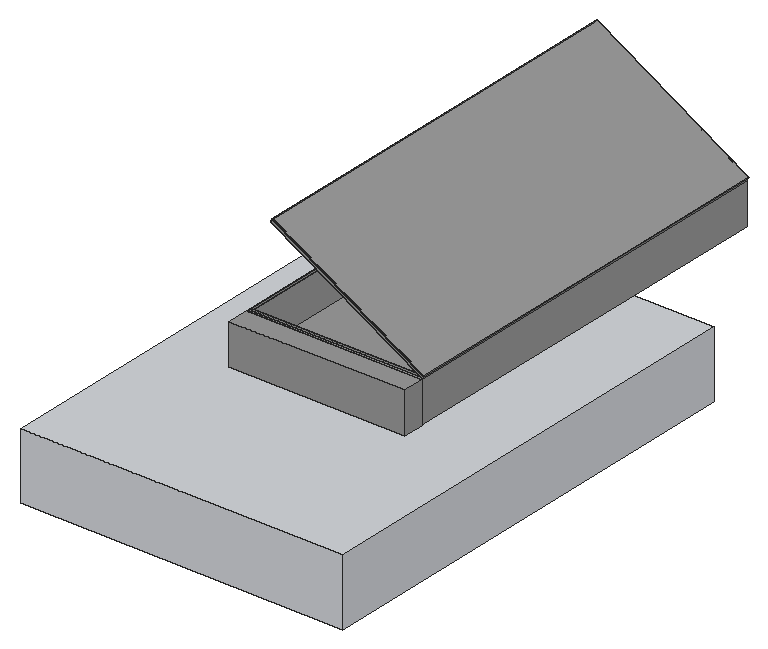
Revit family "Hager-Univers-IP44-D205-H1950-Cl.I-Encl-NoHosted-CH-de", category Equipement électrique, Revit 2020
Family settings
  Hôte = Face
  Configuration du panneau = Deux colonnes, circuits au sein
  Cote de connecteur circulaire = Utiliser le diamètre
  Type d'élément = Tableau de raccordement
  Couper avec des vides une fois chargée = Non
  Partagée = Non
  Point de calcul de pièce = Non
Parameters (values of type "Bodenaufstellung IP44 B800 H1950 T205  - FP23TN2")
  Width Control [instance] = if([EF000008 - Breite] > Min Width, [EF000008 - Breite], Min Width)  # 800 mm
  Commentaires du type = [HG000003 - Bereich]  # "Univers"
  Thickness Door [instance] = if([EF009171 - Materialstärke Tür/Deckel] > 3 mm, 3 mm, [EF009171 - Materialstärke Tür/Deckel])  # 1 mm
  Seal Frame Offset [instance] = 17 mm  # constant formula
  Plinth Visibility [instance] = [HG000027 - Sockelhöhe] > 0 mm  # yes
  Model = ""
  Min Width [instance] = 100 mm  # constant formula
  Min Height [instance] = 100 mm  # constant formula
  Min Depth [instance] = (2 * [EF009170 - Materialstärke Gehäuse]) + 1 mm  # 3 mm
  Internal Frame Depth [instance] = (Door System Depth * 0.5)  # 9 mm
  Height Control [instance] = if([EF000040 - Höhe] > Min Height, [EF000040 - Höhe], Min Height)  # 1950 mm
  HG000027 - Sockelhöhe = 100 mm
  HG000026 - Stehend auf dem Boden = yes
  HG000024 - Höhe des unteren Teils = 800 mm
  HG000023 - Gehäuse mit doppeltem Querschnitt = no
  HG000016 - 3D-Türsichtbarkeit [instance] = yes
  HG000015 - Sichtbarkeit der Türöffnung [instance] = no
  HG000014 - Tür rechts [instance] = yes
  HG000013 - Tür links [instance] = not([HG000014 - Tür rechts])  # no
  HG000012 - Türschwenkwinkel [instance] = 30.00°
  HG000010 - Asymmetrische Türen = no
  HG000009 - Doppelflügeligen Tür = no
  HG000006 - Unterputz = no
  HG000004 - Herstellerreferenz = "FP23TN2"
  HG000003 - Bereich = "Univers"
  HG000002 - Mit tür = yes
  Frame Offset Bottom [instance] = 10 mm  # constant formula
  Frame Offset [instance] = 15 mm  # constant formula
  EF015940 - Deckel mit Überdruckentlastung = no
  EF011959 - Schutzart (NEMA) = ""
  EF009554 - Anzahl der Öffnungen für Flanschplatten = 6
  Fabricant = "Hager"  # constant formula
  EF009212 - Ausführung Deckel = "EV000116 - geschlossen"
  EF009171 - Materialstärke Tür/Deckel = 1 mm
  EF009170 - Materialstärke Gehäuse = 1 mm
  EF008873 - Nennstrom (In) = 400 A
  EF007800 - Geeignet für Blitzschutz = no
  EF006306 - Mit Schloss = no
  EF006244 - Transparenter Deckel/Tür = no
  EF005474 - Schutzart (IP) = "EV006418 - IP44"
  EF004464 - Art der Tür = "EV002646 - Einzel"
  EF004427 - Anzahl der Module = 432
  EF004293 - Schlagfestigkeit = "EV006815 - IK09"
  EF003532 - Geeignet für Außengebrauch = no
  EF002950 - Breite in Teilungseinheiten = 36
  EF001613 - Funktionserhalt = "EV000494 - ohne"
  EF001596 - Werkstoff des Gehäuses = "EV000179 - Stahl"
  EF001131 - Innentiefe = 205 mm
  EF001088 - Anbaumöglichkeit = yes
  EF000437 - Anzahl der Leitungseinführungen = 6
  EF000339 - Art der Abdeckung = "EV001012 - Deckel"
  EF000266 - Anzahl der Reihen = 12
  EF000218 - Einbautiefe = 0 mm
  EF000118 - Mit Montageplatte = no
  EF000116 - RAL-Nummer = "9010"
  EF000049 - Tiefe = 205 mm
  EF000040 - Höhe = 1950 mm
  EF000008 - Breite = 800 mm
  EF000007 - Farbe = "EV000202 - weiß"
  EF000003 - Montageart = "EV012274 - Bodenaufstellung"
  Door System Leaf Tolerance [instance] = 1.5 mm  # constant formula
  Door System Depth [instance] = 18 mm  # constant formula
  Door Height [instance] = Height Control - [HG000027 - Sockelhöhe]  # 1850 mm
  Depth Control [instance] = if([EF000049 - Tiefe] > Min Depth, [EF000049 - Tiefe], Min Depth)  # 205 mm
  Default Elevation = 0 mm
  Connector Offset [instance] = Height Control / 2  # 975 mm
  Bottom Top Plate Trim [instance] = 1.5 mm  # constant formula
  Plinth height Ctrl [instance] = if([HG000027 - Sockelhöhe] > 0 mm, [HG000027 - Sockelhöhe], 12 mm)  # 100 mm
Types (5, lengths in mm): name | Width Control | HG000010 - Asymmetrische Türen | HG000009 - Doppelflügeligen Tür | HG000004 - Herstellerreferenz | EF009554 - Anzahl der Öffnungen für Flanschplatten | EF008873 - Nennstrom (In) | EF004464 - Art der Tür | EF004427 - Anzahl der Module | EF002950 - Breite in Teilungseinheiten | EF000437 - Anzahl der Leitungseinführungen | EF000008 - Breite
  Bodenaufstellung IP44 B1050 H1950 T205  - FP24TN2 | 1050 | no | yes | "FP24TN2" | 8 | 400 A | "EV003602 - Doppel" | 576 | 48 | 8 | 1050
  Bodenaufstellung IP44 B1300 H1950 T205  - FP25TN2 | 1300 | yes | yes | "FP25TN2" | 10 | 400 A | "EV003602 - Doppel" | 720 | 60 | 10 | 1300
  Bodenaufstellung IP44 B300 H1950 T205  - FP21TN2 | 300 | no | no | "FP21TN2" | 2 | 250 A | "EV002646 - Einzel" | 144 | 12 | 2 | 300
  Bodenaufstellung IP44 B550 H1950 T205  - FP22TN2 | 550 | no | no | "FP22TN2" | 4 | 400 A | "EV002646 - Einzel" | 288 | 24 | 4 | 550
  Bodenaufstellung IP44 B800 H1950 T205  - FP23TN2 | 800 | no | no | "FP23TN2" | 6 | 400 A | "EV002646 - Einzel" | 432 | 36 | 6 | 800
Reference planes
  plane 1 "Center (Front/Back)": y = 0
  plane 2: z = 0
  plane 3 "Center (Left/Right)": x = 0
  plane 4: z = 205
  plane 5: y = 101
  plane 6: y = 1025
  plane 7: y = 100
  plane 8: y = 1950
  plane 9: z = 0
  plane 10: x = -385
  plane 11: x = 385
  plane 12: x = 384
  plane 13: x = -384
  plane 14: y = 1949
  plane 15: x = -383
  plane 16: x = -400
  plane 17: x = 383
  plane 18: x = 400
  plane 19: x = 399
  plane 20: x = -399
  plane 21: y = 111
  plane 22: y = 1950
  plane 23: y = 1934
  plane 24: z = 187
  plane 25: z = 1
  plane 26: z = 186
  plane 27: z = 204
Forms (mm)
  Extrusion 1, solid
    sketch origin (0, 0, 0) x (1, 0, 0) y (0, 1, 0)
      loop
        line (-702.964, 1305) -> (-702.964, -811.445) -> (766.763, -811.445) -> (766.763, 1305) -> (-702.964, 1305)
    from 0 to -304.8
  Extrusion 2, solid, material "Hager_Steel_RAL7035_Light_Grey", visible <- "Plinth Visibility", detail levels medium+fine
    sketch origin (0, 0, 0) x (1, 0, 0) y (0, 1, 0)
      loop
        line (-400, 0) -> (400, 0) -> (400, 100) -> (-400, 100) -> (-400, 0)
    from 0 to 187
  Extrusion 3, solid, material "Hager_Steel_RAL7035_Light_Grey", detail levels medium+fine
    sketch origin (0, 0, 0) x (1, 0, 0) y (0, 1, 0)
      loop
        line (-400, 100) -> (400, 100) -> (400, 1950) -> (-400, 1950) -> (-400, 100)
    from 0 to 187
  Extrusion 4, void
    sketch origin (0, 0, 0) x (1, 0, 0) y (0, 1, 0)
      loop
        line (-399, 101) -> (399, 101) -> (399, 1949) -> (-399, 1949) -> (-399, 101)
    from 1 to 186
  Extrusion 5, void
    sketch origin (-381.607, -4572, 187) x (0, -1, 0) y (-1, 0, 0)
      loop
        line (-4683, 2.393) -> (-6506, 2.393) -> (-6506, -765.607) -> (-4683, -765.607) -> (-4683, 2.393)
    from 0 to 1 <- "EF009170 - Materialstärke Gehäuse"
  Extrusion 6, solid, material "Hager_Steel_RAL7035_Light_Grey", detail levels fine
    sketch origin (0, 0, 187) x (1, 0, 0) y (0, 1, 0)
      loop
        line (-384, 1934) -> (-384, 111) -> (384, 111) -> (384, 1934) -> (-384, 1934)
      loop
        line (-385, 110) -> (385, 110) -> (385, 1935) -> (-385, 1935) -> (-385, 110)
    from 0 to 9 <- "Internal Frame Depth"
  Extrusion 7, solid, material "Hager_Steel_RAL7035_Light_Grey", detail levels coarse
    sketch origin (0, 0, 0) x (1, 0, 0) y (0, 1, 0)
      loop
        line (-400, 0) -> (400, 0) -> (400, 1950) -> (-400, 1950) -> (-400, 0)
    from 0 to 205
  Sweep 8, void
    path in 3D
      loop
        line (-400, 100, 0) -> (400, 100, 0) -> (400, 100, 187) -> (-400, 100, 187) -> (-400, 100, 0)
    profile origin (-400, 100, 93.5) x (-1, 0, 0) y (0, -1, 0)
      loop
        line (0, 0) -> (0, 1.5) -> (-1.5, 1.5)
        arc (-1.5, 1.5) -> (-1.061, 0.439) -> (0, 0) r 1.5
Cuts and joins
  Extrusion 4, Extrusion 5 cuts Extrusion 3
  Sweep 8 cuts Extrusion 2
Lines and regions (mm)
  Masking region 1
    outline origin (0, 0, 0) x (1, 0, 0) y (0, 0, 1)
      loop
        line (-400, 205) -> (-400, 0) -> (400, 0) -> (400, 205) -> (-400, 205)
  Masking region 2, detail levels medium+fine
    outline origin (0, 140, 0) x (0, 1, 0) y (0, 0, 1)
      loop
        line (-40, 0) -> (1810, 0) -> (1810, 187) -> (-40, 187) -> (-40, 0)
  Masking region 3, not visible, detail levels medium+fine
    outline origin (0, 297.922, 0) x (0, 1, 0) y (0, 0, 1)
      loop
        line (738.578, 0) -> (778.578, 0) -> (778.578, 194)
        arc (778.578, 194) -> (775.649, 201.071) -> (768.578, 204) r 10
        line (768.578, 204) -> (738.578, 204) -> (738.578, 0)
  Masking region 4, detail levels coarse
    outline origin (0, 0, 180) x (0, 1, 0) y (0, 0, 1)
      loop
        line (0, -180) -> (1950, -180) -> (1950, 25) -> (0, 25) -> (0, -180)
  Masking region 5, visible <- "Plinth Visibility", detail levels medium+fine
    outline origin (0, 52.24, 12.345) x (0, 0, -1) y (0, 1, 0)
      loop
        line (10.845, 47.76) -> (-173.155, 47.76)
        arc (-173.155, 47.76) -> (-173.594, 46.699) -> (-174.655, 46.26) r 1.5
        line (-174.655, 46.26) -> (-174.655, -52.24) -> (12.345, -52.24) -> (12.345, 46.26)
        arc (12.345, 46.26) -> (11.285, 46.699) -> (10.845, 47.76) r 1.5
  Masking region 6, detail levels medium+fine
    outline origin (-381.607, -4572, 187) x (-1, 0, 0) y (0, -1, 0)
      loop
        line (18.393, -6522) -> (18.393, -4672) -> (-781.607, -4672) -> (-781.607, -6522) -> (18.393, -6522)
  Masking region 7, visible <- "Plinth Visibility", detail levels medium+fine
    outline origin (-381.607, -4727, 187) x (-1, 0, 0) y (0, -1, 0)
      loop
        arc (16.893, -4827) -> (17.332, -4825.939) -> (18.393, -4825.5) r 1.5
        line (18.393, -4825.5) -> (18.393, -4727) -> (-781.607, -4727) -> (-781.607, -4825.5)
        arc (-781.607, -4825.5) -> (-780.546, -4825.939) -> (-780.107, -4827) r 1.5
        line (-780.107, -4827) -> (16.893, -4827)
  Masking region 8, detail levels coarse
    outline origin (-442.548, -4669.526, 187) x (-1, 0, 0) y (0, -1, 0)
      loop
        line (-42.548, -6619.526) -> (-42.548, -4669.526) -> (-842.548, -4669.526) -> (-842.548, -6619.526) -> (-42.548, -6619.526)
  sketch lines
    curve 1: line (-400, 100, 187) -> (-400, 100, 0)
    curve 2: line (400, 100, 187) -> (-400, 100, 187)
    curve 3: line (400, 100, 187) -> (400, 100, 0)
    curve 4: line (-400, 100, 0) -> (400, 100, 0)
Dimensions and locks
  "Depth Control": plane 4 to Extrusion 1
  "HG000027 - Sockelhöhe": plane 1 "Center (Front/Back)" to plane 7
  "EF009170 - Materialstärke Gehäuse": plane 5 to plane 7
  locked: connector elem to plane 3 "Center (Left/Right)"
  equal spacing: plane 8, plane 6, plane 7
  locked: connector elem to plane 6
  "EF009170 - Materialstärke Gehäuse": plane 8 to plane 14
  "EF009170 - Materialstärke Gehäuse": plane 10 to plane 13
  "EF009170 - Materialstärke Gehäuse": plane 12 to plane 11
  "Frame Offset": plane 20 to plane 13
  "Frame Offset": plane 12 to plane 19
  "EF009170 - Materialstärke Gehäuse": plane 16 to plane 20
  "EF009170 - Materialstärke Gehäuse": plane 19 to plane 18
  "Seal Frame Offset": plane 16 to plane 15
  "Seal Frame Offset": plane 17 to plane 18
  "Frame Offset Bottom": plane 21 to plane 5
  "Frame Offset": plane 14 to plane 23
  equal spacing: plane 16, plane 3 "Center (Left/Right)", plane 18
  "Width Control": plane 16 to plane 18
  "EF009170 - Materialstärke Gehäuse": plane 4 to plane 27
  "EF009170 - Materialstärke Gehäuse": plane 24 to plane 26
  "EF009170 - Materialstärke Gehäuse": plane 25 to level
  "Door System Depth": plane 4 to plane 24
  "Height Control": plane 1 "Center (Front/Back)" to Extrusion 7 sketch curve
  "Height Control": Masking region 4 sketch curve to plane 1 "Center (Front/Back)"
  "Height Control": plane 1 "Center (Front/Back)" to plane 22
  "Bottom Top Plate Trim": profile plane to Sweep 8 sketch curve
  "Bottom Top Plate Trim": Sweep 8 sketch curve to profile plane
  "Plinth height Ctrl": plane 1 "Center (Front/Back)" to Extrusion 2 sketch curve
  "Plinth height Ctrl": Masking region 5 sketch curve to plane 1 "Center (Front/Back)"
  "Plinth height Ctrl": plane 1 "Center (Front/Back)" to Masking region 7 sketch curve
  "Thickness Door": Extrusion 6 sketch curve to Extrusion 6 sketch curve  (x3)
  "Thickness Door": cut or joined group of Extrusion 3, Extrusion 4, Extrusion 5 to Extrusion 6 sketch curve
  radius of Masking region 3 sketch curve = 10 mm
  "Bottom Top Plate Trim": radius of Masking region 5 sketch curve  (x2)
  "Bottom Top Plate Trim": radius of Sweep 8 sketch curve
  "Bottom Top Plate Trim": radius of Masking region 7 sketch curve  (x2)
  aligned and locked: plane 2 to Extrusion 1
  aligned and locked: level to Extrusion 1
  aligned and locked: level to Masking region 1 sketch curve
  aligned and locked: Masking region 1 sketch curve to plane 18
  aligned and locked: Masking region 1 sketch curve to plane 16
  aligned and locked: plane 7 to Masking region 2 sketch curve
  aligned and locked: level to Masking region 3 sketch curve
  aligned and locked: Masking region 3 sketch curve to plane 27
  aligned and locked: level to Masking region 2 sketch curve
  aligned and locked: plane 1 "Center (Front/Back)" to Extrusion 2 sketch curve
  aligned and locked: Extrusion 3 sketch curve to plane 7
  aligned and locked: plane 16 to Extrusion 3 sketch curve
  aligned and locked: plane 18 to Extrusion 3 sketch curve
  aligned and locked: plane 20 to Extrusion 4 sketch curve
  aligned and locked: plane 19 to Extrusion 4 sketch curve
  aligned and locked: Extrusion 4 sketch curve to plane 5
  aligned and locked: Extrusion 4 to plane 25
  aligned and locked: plane 26 to Extrusion 4
  aligned and locked: plane 24 to Extrusion 3
  aligned and locked: Extrusion 5 sketch curve to plane 21
  aligned and locked: Extrusion 5 sketch curve to plane 13
  aligned and locked: Extrusion 5 sketch curve to plane 12
  aligned and locked: plane 18 to Extrusion 7 sketch curve
  aligned and locked: plane 1 "Center (Front/Back)" to Extrusion 7 sketch curve
  aligned and locked: plane 16 to Extrusion 7 sketch curve
  aligned and locked: plane 4 to Extrusion 7
  aligned and locked: Extrusion 7 to level
  aligned and locked: level to Masking region 4 sketch curve
  aligned and locked: Masking region 4 sketch curve to plane 1 "Center (Front/Back)"
  aligned and locked: Masking region 4 sketch curve to plane 4
  aligned and locked: nested 1 to level
  aligned and locked: nested 1 to plane 16
  aligned and locked: plane 8 to Extrusion 3 sketch curve
  aligned and locked: plane 23 to Extrusion 5 sketch curve
  aligned and locked: plane 14 to Extrusion 4 sketch curve
  aligned and locked: Masking region 2 sketch curve to plane 8
  aligned and locked: level to Masking region 5 sketch curve
  aligned and locked: plane 16 to Extrusion 2 sketch curve
  aligned and locked: plane 18 to Extrusion 2 sketch curve
  aligned and locked: Masking region 5 sketch curve to plane 24
  aligned and locked: Masking region 2 sketch curve to plane 24
  aligned and locked: plane 24 to Extrusion 2
  aligned and locked: profile plane to Sweep 8 sketch curve  (x2)
  aligned and locked: Masking region 6 sketch curve to plane 18
  aligned and locked: Masking region 6 sketch curve to plane 22
  aligned and locked: Masking region 6 sketch curve to plane 16
  aligned and locked: plane 8 to plane 22
  aligned and locked: Masking region 6 sketch curve to plane 7
  aligned and locked: Masking region 7 sketch curve to plane 16
  aligned and locked: Masking region 7 sketch curve to plane 1 "Center (Front/Back)"
  aligned and locked: Masking region 7 sketch curve to plane 18
  aligned and locked: Masking region 8 sketch curve to plane 1 "Center (Front/Back)"
  aligned and locked: Masking region 8 sketch curve to plane 18
  aligned and locked: Masking region 8 sketch curve to plane 22
  aligned and locked: Masking region 8 sketch curve to plane 16
  aligned and locked: nested 2 to plane 7
  aligned and locked: plane 3 "Center (Left/Right)" to nested 2
  aligned and locked: nested 2 to plane 24
  aligned and locked: Extrusion 6 sketch curve to cut or joined group of Extrusion 3, Extrusion 4, Extrusion 5  (x4)
Automatic sketch dimensions
  Extrusion 1 sketch curve to Extrusion 1 sketch curve = 1469.727 mm
  Extrusion 1 sketch curve to Extrusion 1 sketch curve = 2116.445 mm
  Masking region 1 sketch curve to plane 4 = 0 mm
  plane 6 to Masking region 3 sketch curve = 11.5 mm
  Masking region 3 sketch curve to Masking region 3 sketch curve = 30 mm
  Masking region 5 sketch curve to plane 1 "Center (Front/Back)" = 0 mm
Nested families
  nested 1: "Hager_Enclosure_Symbol" at (-400, 0, 0) x (1, 0, 0) z (0, -1, 0), Height <- "Depth Control", Width <- "Width Control", type "Hager_Enclosure_Symbol"
    with Width_Ctrl 800 mm, Width 800 mm, Height_Ctrl 205 mm, Height 205 mm, A_Width_Int 13.453 mm, A_Width 161.438 mm, A_Height_Ctrl 179.375 mm, A_Height 179.375 mm
  nested 2: "EC000058_Univers_Door" at (0, 100, 187) x (1, 0, 0) z (0, 1, 0), Leaf_Tolerance <- "Door System Leaf Tolerance", Angle <- "HG000012 - Türschwenkwinkel", Door_Depth <- "Door System Depth", Door_Left <- "HG000013 - Tür links", Transparent <- "EF006244 - Transparenter Deckel/Tür", Assymetrical <- "HG000010 - Asymmetrische Türen", Width <- "Width Control", Clearance <- "HG000015 - Sichtbarkeit der Türöffnung", Double <- "HG000009 - Doppelflügeligen Tür", 3d_Door <- "HG000016 - 3D-Türsichtbarkeit", Lock_Visibility <- "EF006306 - Mit Schloss", Width_Ctrl <- "Width Control", Door_Right <- "HG000014 - Tür rechts", Door <- "HG000002 - Mit tür", Height <- "Door Height", Thickness <- "Thickness Door", type "EC000058_Univers_Door", detail levels medium+fine
    with min_wh 3 mm, Width_Ctrl 800 mm, Width 800 mm, Transparent no, Thickness 1 mm, Seal_Material Hager_Rubber, Lock_Visibility no, Lock_Material Hager_Plastic_RAL9005_Jet_Black, Leaf_Width 800 mm, Leaf_Tolerance_External_Sides 0 mm, Leaf_Tolerance 1.5 mm, Leaf_Offset 0 mm, Leaf_Height 1847 mm, Leaf_2_Width 800 mm, Leaf_2_Offset 400 mm, Leaf_1_Width 800 mm, Leaf_1_Offset 400 mm, Height_Ctrl 1850 mm, Height 1850 mm, Glass_Material Hager_Glass, Double_Clearance_Ctrl no, Double no, Door_Right_Ctrl yes, Door_Right yes, Door_Material Hager_Steel_RAL7035_Light_Grey, Door_Left_Ctrl no, Door_Left no, Door_Depth 18 mm, Door yes, Clearance_Material Hager_Clearance, Clearance_Depth 800 mm, Clearance_Ctrl no, Clearance no, Assymetrical no, Angle 30.00°, 3d_Door yes
Connectors
  electrical at (0, 1025, 0)
    settings: on plane 9, index 1, voltage 0 V, apparent load 0 VA, apparent load phase1 0 VA, apparent load phase2 0 VA, apparent load phase3 0 VA, power factor 1, load classification "Other", number of poles 1, system type 30, power factor state 1, is connector primary yes, connector utility no, sub classification motor no, connector description ""
Definition of nested family "EC000058_Univers_Door"
  Parameters (values of type "EC000058_Univers_Door")
    min_wh [instance] = (2 * Thickness) + 1 mm  # 11 mm
    Width_Ctrl [instance] = 400 mm
    Width [instance] = 500 mm
    Transparent [instance] = yes
    Thickness [instance] = 5 mm
    Seal_Material [instance] = none
    Lock_Visibility [instance] = yes
    Lock_Material [instance] = none
    Leaf_Width [instance] = if((Width_Ctrl - 2 * Leaf_Tolerance_External_Sides) > 0 mm, (Width_Ctrl - 2 * Leaf_Tolerance_External_Sides), min_wh)  # 400 mm
    Leaf_Tolerance_External_Sides [instance] = 0 mm  # constant formula
    Leaf_Tolerance [instance] = 1.5 mm
    Leaf_Offset [instance] = 0 mm  # constant formula
    Leaf_Height [instance] = if((Height_Ctrl - 2 * Leaf_Tolerance) > 0 mm, (Height_Ctrl - 2 * Leaf_Tolerance), min_wh)  # 497 mm
    Leaf_2_Width [instance] = if(and(and(Double, Assymetrical), Door_Left), (Leaf_Width / 3) - (Leaf_Tolerance / 2), if(and(and(Double, Assymetrical), Door_Right), (Leaf_Width / 3) * 2 - (Leaf_Tolerance / 2), if(and(Double, not(Assymetrical)), (Leaf_Width / 2) - Leaf_Tolerance, Leaf_Width)))  # 400 mm
    Leaf_2_Offset [instance] = if(and(Double, Assymetrical), Leaf_2_Width / 2, if(and(Double, not(Assymetrical)), Leaf_Width / 4, Leaf_Width / 2))  # 200 mm
    Leaf_1_Width [instance] = if(and(and(Double, Assymetrical), Door_Right), (Leaf_Width / 3) - (Leaf_Tolerance / 2), if(and(and(Double, Assymetrical), Door_Left), (Width / 3) * 2 - (Leaf_Tolerance / 2), if(and(Double, not(Assymetrical)), (Leaf_Width / 2) - Leaf_Tolerance, Leaf_Width)))  # 400 mm
    Leaf_1_Offset [instance] = if(and(Double, Assymetrical), Leaf_1_Width / 2, if(and(Double, not(Assymetrical)), Leaf_Width / 4, Leaf_Width / 2))  # 200 mm
    Height_Ctrl [instance] = if(Height > min_wh, Height, min_wh)  # 500 mm
    Height [instance] = 500 mm
    Glass_Material [instance] = none
    Double_Clearance_Ctrl [instance] = and(Double, Clearance)  # no
    Double [instance] = no
    Door_Right_Ctrl [instance] = and(or(Door_Right, Double), Door)  # yes
    Door_Right [instance] = yes
    Door_Material [instance] = none
    Door_Left_Ctrl [instance] = and(or(Door_Left, Double), Door)  # no
    Door_Left [instance] = no
    Door_Depth [instance] = 30 mm
    Door [instance] = yes
    Default Elevation = 1219.2 mm
    Clearance_Material [instance] = none
    Clearance_Depth [instance] = if(Leaf_1_Width > Leaf_2_Width, Leaf_1_Width, Leaf_2_Width)  # 400 mm
    Clearance_Ctrl [instance] = and(not(Double), Clearance)  # yes
    Clearance [instance] = yes
    Assymetrical [instance] = yes
    Angle [instance] = 30.00°
    3d_Door [instance] = yes
  Reference planes
    plane 1 "Center (Front/Back)": y = 0
    plane 2 "Bottom": z = 0
    plane 3 "Center (Left/Right)": x = 0
    plane 4: z = 500
    plane 5: x = -200
    plane 6: x = 200
    plane 7: z = 500
    plane 8: x = -200
    plane 9: z = 0
    plane 10: x = 200
    plane 11: y = 0
    plane 12: z = 1.5
    plane 13: x = -600
    plane 14: y = -400
    plane 15: x = 600
    plane 16: x = 0
    plane 17: x = 0
    plane 18: x = -200
    plane 19: x = 200
    plane 20: z = 498.5
  Forms (mm)
    Extrusion 1, solid, material <- "Clearance_Material", visible <- "Double_Clearance_Ctrl"
      sketch origin (1200, 0, 0) x (1, 0, 0) y (0, 0, -1)
        loop
          line (-1800, -498.5) -> (-600, -498.5) -> (-600, 0) -> (-1800, 0) -> (-1800, -498.5)
      from 0 to -400
  Dimensions and locks
    equal spacing: plane 5, plane 3 "Center (Left/Right)", plane 6
    "Width_Ctrl": plane 5 to plane 6
    "Leaf_Offset": plane 5 to plane 8
    "Leaf_Offset": plane 6 to plane 10
    "Leaf_Offset": plane 9 to level
    "Leaf_Offset": plane 4 to plane 7
    "Height_Ctrl": plane 4 to level
    "Leaf_Tolerance": plane 12 to plane 9
    locked: plane 11 to plane 1 "Center (Front/Back)"
    "Leaf_1_Offset": plane 18 to plane 16
    "Leaf_2_Offset": plane 17 to plane 19
    "Leaf_1_Width": plane 13 to plane 8
    "Leaf_2_Width": plane 10 to plane 15
    "Clearance_Depth": plane 14 to plane 1 "Center (Front/Back)"
    "Leaf_Tolerance_External_Sides": plane 8 to plane 18
    "Leaf_Tolerance_External_Sides": plane 19 to plane 10
    "Leaf_Tolerance": plane 7 to plane 20
    aligned and locked: level to plane 2 "Bottom"
    aligned and locked: nested 1 to plane 16
    aligned and locked: nested 2 to plane 17
    aligned and locked: Extrusion 1 to plane 13
    aligned and locked: plane 15 to Extrusion 1
    aligned and locked: Extrusion 1 to plane 14
    aligned and locked: plane 12 to nested 1
    aligned and locked: nested 2 to plane 12
    aligned and locked: Extrusion 1 to plane 11
    aligned and locked: plane 20 to Extrusion 1
    aligned and locked: nested 2 to plane 11
    aligned and locked: nested 1 to plane 11
  Automatic sketch dimensions
    Extrusion 1 sketch curve to level = 0 mm
    plane 5 to Extrusion 1 sketch curve = 400 mm
    plane 6 to Extrusion 1 sketch curve = 400 mm
    Extrusion 1 sketch curve to plane 4 = 1.5 mm
  Nested families
    nested 1: "EC000058_Univers_Door_Leaf" at (0, 0, 1.5), Width <- "Leaf_1_Width", visible <- "Door_Left_Ctrl", Leaf_Height <- "Leaf_Height", Angle <- "Angle", 3d_Door <- "3d_Door", Transparent <- "Transparent", Clearance Material <- "Clearance_Material", Clearance <- "Clearance_Ctrl", Door_Material <- "Door_Material", Glass_Material <- "Glass_Material", Door_Depth <- "Door_Depth", Lock_Material <- "Lock_Material", Seal_Material <- "Seal_Material", Lock_Visibility <- "Lock_Visibility", Thickness <- "Thickness", type "EC000058_Univers_Door_Leaf"
      with Width 400 mm, Transparent_Glass_Offset 30 mm, Transparent_Ctrl yes, Transparent yes, Thickness 5 mm, Standard no, Seal_Material none, Seal_D2 8 mm, Seal_D1 1 mm, Offset_Internal_Frame 10 mm, Lock_Width 20 mm, Lock_Visibility_3d yes, Lock_Visibility yes, Lock_Thickness_3 3 mm, Lock_Thickness_2 1 mm, Lock_Thickness_1 3 mm, Lock_Radius_Offset_2 16 mm, Lock_Radius_Offset_1 15 mm, Lock_Radius_2 5 mm, Lock_Radius 6 mm, Lock_Offset 5 mm, Lock_Material none, Lock_Height 80 mm, Lock_Cover_Top_Offset_2d 17 mm, Lock_Cover_Height -65 mm, Leaf_Height 497 mm, Internal_Seal_Thickness 8 mm, Internal_Seal_Depth_2 4.5 mm, Internal_Frame_Depth 25 mm, Glass_Thickness -1 mm, Glass_Offset -2 mm, Glass_Material none, Door_Material none, Door_Depth 30 mm, Clearance Material none, Clearance yes, Angle_Ctrl 30.00°, Angle 30.00°, 3d_Door yes
    nested 2: "EC000058_Univers_Door_Leaf" at (0, 0, 1.5) x (-1, 0, 0) z (0, 0, 1), Width <- "Leaf_2_Width", visible <- "Door_Right_Ctrl", Leaf_Height <- "Leaf_Height", Angle <- "Angle", 3d_Door <- "3d_Door", Transparent <- "Transparent", Clearance Material <- "Clearance_Material", Clearance <- "Clearance_Ctrl", Door_Material <- "Door_Material", Glass_Material <- "Glass_Material", Door_Depth <- "Door_Depth", Lock_Material <- "Lock_Material", Seal_Material <- "Seal_Material", Lock_Visibility <- "Lock_Visibility", Thickness <- "Thickness", type "EC000058_Univers_Door_Leaf"
      with Width 400 mm, Transparent_Glass_Offset 30 mm, Transparent_Ctrl yes, Transparent yes, Thickness 5 mm, Standard no, Seal_Material none, Seal_D2 8 mm, Seal_D1 1 mm, Offset_Internal_Frame 10 mm, Lock_Width 20 mm, Lock_Visibility_3d yes, Lock_Visibility yes, Lock_Thickness_3 3 mm, Lock_Thickness_2 1 mm, Lock_Thickness_1 3 mm, Lock_Radius_Offset_2 16 mm, Lock_Radius_Offset_1 15 mm, Lock_Radius_2 5 mm, Lock_Radius 6 mm, Lock_Offset 5 mm, Lock_Material none, Lock_Height 80 mm, Lock_Cover_Top_Offset_2d 17 mm, Lock_Cover_Height -65 mm, Leaf_Height 497 mm, Internal_Seal_Thickness 8 mm, Internal_Seal_Depth_2 4.5 mm, Internal_Frame_Depth 25 mm, Glass_Thickness -1 mm, Glass_Offset -2 mm, Glass_Material none, Door_Material none, Door_Depth 30 mm, Clearance Material none, Clearance yes, Angle_Ctrl 30.00°, Angle 30.00°, 3d_Door yes
  Definition of nested family "EC000058_Univers_Door_Leaf"
    Parameters (values of type "EC000058_Univers_Door_Leaf")
      Width [instance] = 2000 mm
      Transparent_Glass_Offset [instance] = 30 mm
      Transparent_Ctrl [instance] = and(Transparent, [3d_Door])  # yes
      Transparent [instance] = yes
      Thickness [instance] = 5 mm
      Standard [instance] = and(not(Transparent), [3d_Door])  # no
      Seal_Material [instance] = none
      Seal_D2 [instance] = 8 mm  # constant formula
      Seal_D1 [instance] = 1 mm  # constant formula
      Offset_Internal_Frame [instance] = 10 mm  # constant formula
      Lock_Width [instance] = 20 mm  # constant formula
      Lock_Visibility_3d [instance] = and(Lock_Visibility, [3d_Door])  # yes
      Lock_Visibility [instance] = yes
      Lock_Thickness_3 [instance] = 3 mm  # constant formula
      Lock_Thickness_2 [instance] = 1 mm  # constant formula
      Lock_Thickness_1 [instance] = 3 mm  # constant formula
      Lock_Radius_Offset_2 [instance] = Lock_Radius_Offset_1 + 1 mm  # 16 mm
      Lock_Radius_Offset_1 [instance] = 15 mm  # constant formula
      Lock_Radius_2 [instance] = Lock_Radius - 1 mm  # 5 mm
      Lock_Radius [instance] = 6 mm  # constant formula
      Lock_Offset [instance] = 5 mm  # constant formula
      Lock_Material [instance] = none
      Lock_Height [instance] = 80 mm  # constant formula
      Lock_Cover_Top_Offset_2d [instance] = Lock_Radius_Offset_2 + 1 mm  # 17 mm
      Lock_Cover_Height [instance] = -(Lock_Height - Lock_Radius_Offset_1)  # -65 mm
      Leaf_Height [instance] = 2720.336 mm
      Internal_Seal_Thickness [instance] = 8 mm  # constant formula
      Internal_Seal_Depth_2 [instance] = 4.5 mm  # constant formula
      Internal_Frame_Depth [instance] = if(Door_Depth - Thickness > 5 mm, Door_Depth - Thickness, 5 mm)  # 25 mm
      Glass_Thickness [instance] = if(Thickness > 15 mm, Glass_Offset + 10 mm, -1 mm)  # -1 mm
      Glass_Offset [instance] = if(Thickness > 15 mm, -(Thickness + 10 mm) / 2, -2 mm)  # -2 mm
      Glass_Material [instance] = none
      Door_Material [instance] = none
      Door_Depth [instance] = 30 mm
      Default Elevation = 0 mm
      Clearance Material [instance] = none
      Clearance [instance] = yes
      Angle_Ctrl [instance] = if(Angle > 180.00°, 180.00°, Angle)  # 90.00°
      Angle [instance] = 90.00°
      3d_Door [instance] = yes
    Reference planes
      plane 1 "Center (Front/Back)": y = 0
      plane 2: z = 0
      plane 3 "Center (Left/Right)": x = 0
      plane 4: y = 2000
      plane 5: x = -1000
      plane 6: x = 1000
      plane 7: x = -3000
      plane 8: z = 2720.336
      plane 9: z = 30
      plane 10: z = 2690.336
      plane 11: x = 970
      plane 12: x = -970
      plane 13: y = -3
      plane 14: z = 107.833
      plane 15: y = -5
      plane 16: y = -223.314
      plane 17: x = -1000
      plane 18: z = 1360.168
      plane 19: y = 30
    Forms (mm)
      Extrusion 1, solid, material <- "Clearance Material", visible <- "Clearance"
        sketch origin (0, 0, 0) x (1, 0, 0) y (0, 0, 1)
          loop
            line (-3000, 2720.336) -> (-3000, 0) -> (1000, 0) -> (1000, 2720.336) -> (-3000, 2720.336)
        from 0 to -2000
      Extrusion 2, solid, material <- "Door_Material", visible <- "Standard", detail levels medium+fine
        sketch origin (-1000, 0, 0) x (0, 1, 0) y (-1, 0, 0)
          loop
            line (0, 30) -> (0, 25) -> (2000, 25) -> (2000, 30) -> (0, 30)
        from 0 to 2720.336 <- "Leaf_Height"
      Extrusion 3, solid, material <- "Door_Material", visible <- "Transparent_Ctrl", detail levels medium+fine
        sketch origin (-1000, 0, 0) x (0, 1, 0) y (-1, 0, 0)
          loop
            line (0, 25) -> (2000, 25) -> (2000, 30) -> (0, 30) -> (0, 25)
        from 0 to 2720.336 <- "Leaf_Height"
      Extrusion 4, void
        sketch origin (-1025, 2000, 0) x (0, 1, 0) y (0, 0, -1)
          loop
            line (-30, -2690.336) -> (-30, -30) -> (-1970, -30) -> (-1970, -2690.336) -> (-30, -2690.336)
        from 0 to 5 <- "Thickness"
      Sweep 5, solid, material <- "Seal_Material", visible <- "Transparent_Ctrl", detail levels fine
        path in 3D
          loop
            line (-1025, 30, 30) -> (-1025, 30, 2690.336) -> (-1025, 1970, 2690.336) -> (-1025, 1970, 30) -> (-1025, 30, 30)
        profile origin (-1025, 1000, 30) x (1, 0, 0) y (0, 0, 1)
          loop
            line (0, 0) -> (0, -8) -> (1, -8) -> (1, 0) -> (0, 0)
      Extrusion 6, solid, material <- "Glass_Material", visible <- "Transparent_Ctrl", detail levels medium+fine
        sketch origin (-1030, 0, 0) x (0, 1, 0) y (0, 0, -1)
          loop
            line (1970, -2690.336) -> (1970, -30) -> (30, -30) -> (30, -2690.336) -> (1970, -2690.336)
        from -2 <- "Glass_Offset" to -1 <- "Glass_Thickness"
      Extrusion 7, solid, material <- "Door_Material", visible <- "3d_Door", detail levels medium+fine
        sketch origin (-1025, 2000, 0) x (0, -1, 0) y (0, 0, -1)
          loop
            line (0, -2720.336) -> (2000, -2720.336) -> (2000, 0) -> (0, 0) -> (0, -2720.336)
          loop
            line (1995, -5) -> (5, -5) -> (5, -2715.336) -> (1995, -2715.336) -> (1995, -5)
        from 0 to 25 <- "Internal_Frame_Depth"
      Sweep 8, solid, material <- "Seal_Material", visible <- "Transparent_Ctrl", detail levels fine
        path in 3D
          loop
            line (-1025, 0, 0) -> (-1025, 2000, 0) -> (-1025, 2000, 2720.336) -> (-1025, 0, 2720.336) -> (-1025, 0, 0)
        profile origin (-1025, 0, 1360.168) x (1, 0, 0) y (0, 1, 0)
          loop
            line (0, 10) -> (2.975, 10)
            arc (2.975, 10) -> (4.053, 10.447) -> (4.5, 11.525) r 1.525
            line (4.5, 11.525) -> (4.5, 16.527)
            arc (4.5, 16.527) -> (4.069, 17.569) -> (3.027, 18) r 1.473
            line (3.027, 18) -> (0, 18) -> (0, 10)
      Extrusion 9, solid, material <- "Lock_Material", visible <- "Lock_Visibility_3d", detail levels fine
        sketch origin (-1030, 0, 0) x (0, 1, 0) y (0, 0, -1)
          loop
            arc (1993.5, -1400.168) -> (1994.561, -1399.729) -> (1995, -1398.668) r 1.5
            line (1995, -1398.668) -> (1995, -1320.168) -> (1975, -1320.168) -> (1975, -1398.668)
            arc (1975, -1398.668) -> (1975.439, -1399.729) -> (1976.5, -1400.168) r 1.5
            line (1976.5, -1400.168) -> (1993.5, -1400.168)
        from 3 <- "Lock_Thickness_1" to 0
      Blend 10, solid, material <- "Lock_Material", visible <- "Lock_Visibility_3d", detail levels fine
        base sketch origin (-1033, 0, 0) x (0, 1, 0) y (0, 0, -1)
          loop
            line (1975, -1320.168) -> (1975, -1398.668)
            arc (1975, -1398.668) -> (1975.439, -1399.729) -> (1976.5, -1400.168) r 1.5
            line (1976.5, -1400.168) -> (1993.5, -1400.168)
            arc (1993.5, -1400.168) -> (1994.561, -1399.729) -> (1995, -1398.668) r 1.5
            line (1995, -1398.668) -> (1995, -1320.168) -> (1975, -1320.168)
        top sketch origin (-1033, 0, 0) x (0, 1, 0) y (0, 0, -1)
          loop
            line (1976, -1320.168) -> (1976, -1398.668)
            arc (1976, -1398.668) -> (1976.146, -1399.022) -> (1976.5, -1399.168) r 0.5
            line (1976.5, -1399.168) -> (1993.5, -1399.168)
            arc (1993.5, -1399.168) -> (1993.854, -1399.022) -> (1994, -1398.668) r 0.5
            line (1994, -1398.668) -> (1994, -1320.168) -> (1976, -1320.168)
        from 0 to 1 <- "Lock_Thickness_2"
      Blend 11, solid, material <- "Lock_Material", visible <- "Lock_Visibility_3d", detail levels fine
        base sketch origin (-1034, 0, 0) x (0, 1, 0) y (0, 0, -1)
          loop
            line (1978, -1320.168) -> (1978, -1384.168)
            arc (1978, -1384.168) -> (1985, -1391.168) -> (1992, -1384.168) r 7
            line (1992, -1384.168) -> (1992, -1320.168) -> (1978, -1320.168)
        top sketch origin (-1034, 0, 0) x (0, 1, 0) y (0, 0, -1)
          loop
            line (1991, -1320.168) -> (1979, -1320.168) -> (1979, -1383.168)
            arc (1979, -1383.168) -> (1985, -1389.168) -> (1991, -1383.168) r 6
            line (1991, -1383.168) -> (1991, -1320.168)
        from 0 to 3 <- "Lock_Thickness_3"
      Extrusion 12, solid, material <- "Lock_Material", visible <- "Lock_Visibility_3d", detail levels fine
        sketch origin (-1030, 1975, 1320.168) x (1, 0, 0) y (0, -1, 0)
          loop
            line (-7, -19) -> (-7, -1) -> (0, -1) -> (0, 0) -> (-8, 0) -> (-8, -20) -> (0, -20) -> (0, -19) -> (-7, -19)
        from 0 to -65 <- "Lock_Cover_Height"
      Extrusion 13, void
        sketch origin (-1038, 1995, 1320.168) x (-1, 0, 0) y (0, 0, -1)
          loop
            line (-5, -65) -> (0, -65) -> (-5, -60) -> (-5, -65)
        from 0 to 20 <- "Lock_Width"
      Extrusion 14, void
        sketch origin (-1038, 1975, 1320.168) x (0, -1, 0) y (0, 0, -1)
          loop
            circle (-10, -15.995) r 6
          loop
            circle (-10, -15.995) r 5
        from 0 to 2
      Extrusion 15, solid, material <- "Lock_Material", visible <- "Lock_Visibility_3d", detail levels medium
        sketch origin (-1030, 0, 0) x (0, 1, 0) y (0, 0, -1)
          loop
            arc (1993.5, -1400.168) -> (1994.561, -1399.729) -> (1995, -1398.668) r 1.5
            line (1995, -1398.668) -> (1995, -1320.168) -> (1975, -1320.168) -> (1975, -1398.668)
            arc (1975, -1398.668) -> (1975.439, -1399.729) -> (1976.5, -1400.168) r 1.5
            line (1976.5, -1400.168) -> (1993.5, -1400.168)
        from 8 to 0
    Cuts and joins
      Extrusion 4 cuts Extrusion 3
      Extrusion 13, Extrusion 14 cuts Extrusion 9
      Extrusion 14 cuts Blend 11
      Extrusion 13, Extrusion 14 cuts Extrusion 12
      joined: Extrusion 9, Blend 10, Blend 11, Extrusion 12
      Extrusion 14 cuts Extrusion 15
    Lines and regions (mm)
      Masking region 1, visible <- "Lock_Visibility", detail levels fine
        outline origin (0, 0, 0) x (0, 1, 0) y (0, 0, 1)
          loop
            line (30, 1320.168) -> (33, 1320.168) -> (33, 1400.168) -> (30, 1400.168) -> (30, 1320.168)
      Masking region 2, visible <- "Lock_Visibility", detail levels fine
        outline origin (0, 3.143, 0) x (0, 1, 0) y (0, 0, 1)
          loop
            line (29.857, 1354.168) -> (30.857, 1354.168) -> (30.857, 1366.168) -> (29.857, 1366.168) -> (29.857, 1354.168)
      Masking region 3, detail levels medium+fine
        outline origin (0, 0, 0) x (0, 1, 0) y (0, 0, 1)
          loop
            line (0, 0) -> (30, 0) -> (30, 2720.336) -> (0, 2720.336) -> (0, 0)
      Masking region 4, detail levels medium+fine
        outline origin (0, 0, 0) x (1, 0, 0) y (0, 0, 1)
          loop
            line (-1000, 2720.336) -> (-1000, 0) -> (1000, 0) -> (1000, 2720.336) -> (-1000, 2720.336)
      Masking region 5, visible <- "Lock_Visibility", detail levels fine
        outline origin (-47.116, 0, 0) x (1, 0, 0) y (0, 0, 1)
          loop
            arc (1024.616, 1399.168) -> (1023.556, 1398.729) -> (1023.116, 1397.668) r 1.5
            line (1023.116, 1397.668) -> (1023.116, 1320.168) -> (1041.116, 1320.168) -> (1041.116, 1397.668)
            arc (1041.116, 1397.668) -> (1040.677, 1398.729) -> (1039.616, 1399.168) r 1.5
            line (1039.616, 1399.168) -> (1024.616, 1399.168)
      Masking region 6, visible <- "Lock_Visibility", detail levels medium+fine
        outline origin (-25, 0, 0) x (1, 0, 0) y (0, 0, 1)
          loop
            arc (1001.5, 1400.168) -> (1000.439, 1399.729) -> (1000, 1398.668) r 1.5
            line (1000, 1398.668) -> (1000, 1320.168) -> (1020, 1320.168) -> (1020, 1398.668)
            arc (1020, 1398.668) -> (1019.561, 1399.729) -> (1018.5, 1400.168) r 1.5
            line (1018.5, 1400.168) -> (1001.5, 1400.168)
      Masking region 7, visible <- "Lock_Visibility", detail levels fine
        outline origin (-73.735, 0, 0) x (1, 0, 0) y (0, 0, 1)
          loop
            line (1051.735, 1382.168) -> (1065.735, 1382.168) -> (1065.735, 1384.168)
            arc (1065.735, 1384.168) -> (1058.735, 1391.168) -> (1051.735, 1384.168) r 7
            line (1051.735, 1384.168) -> (1051.735, 1382.168)
      Masking region 8, visible <- "Lock_Visibility", detail levels fine
        outline origin (-73.735, 0, 0) x (1, 0, 0) y (0, 0, 1)
          loop
            line (1052.735, 1382.168) -> (1064.735, 1382.168) -> (1064.735, 1383.168)
            arc (1064.735, 1383.168) -> (1058.735, 1389.168) -> (1052.735, 1383.168) r 6
            line (1052.735, 1383.168) -> (1052.735, 1382.168)
      Masking region 9, visible <- "Lock_Visibility", detail levels fine
        outline origin (-25, 0, 0) x (1, 0, 0) y (0, 0, 1)
          loop
            line (1020, 1320.168) -> (1020, 1382.168) -> (1000, 1382.168) -> (1000, 1320.168) -> (1020, 1320.168)
      Masking region 10, detail levels medium+fine
        outline origin (0, 0, 0) x (1, 0, 0) y (0, 0, 1)
          loop
            circle (985, 1335.144) r 6
      Masking region 11, detail levels fine
        outline origin (0, 0, 0) x (1, 0, 0) y (0, 0, 1)
          loop
            circle (985, 1335.144) r 5
      Masking region 12, visible <- "Lock_Visibility", detail levels fine
        outline origin (0, 12.767, 0) x (0, 1, 0) y (0, 0, 1)
          loop
            line (20.233, 1320.168) -> (21.233, 1320.168) -> (21.233, 1399.168) -> (20.233, 1400.168) -> (20.233, 1320.168)
      Masking region 13, visible <- "Lock_Visibility", detail levels fine
        outline origin (0, 13.767, -10) x (0, 1, 0) y (0, 0, 1)
          loop
            line (20.233, 1330.168) -> (23.233, 1330.168) -> (23.233, 1399.168) -> (20.233, 1402.168) -> (20.233, 1330.168)
      Masking region 14, visible <- "Lock_Visibility", detail levels fine
        outline origin (0, 12.767, -10) x (0, 1, 0) y (0, 0, 1)
          loop
            line (20.233, 1330.168) -> (25.233, 1330.168) -> (25.233, 1399.305) -> (20.233, 1394.305) -> (20.233, 1330.168)
      Masking region 15, visible <- "Lock_Visibility", detail levels medium
        outline origin (0, 0, 0) x (0, 1, 0) y (0, 0, 1)
          loop
            line (30, 1320.168) -> (38, 1320.168) -> (38, 1400.168) -> (30, 1400.168) -> (30, 1320.168)
      Masking region 16, visible <- "Lock_Visibility", detail levels fine
        outline origin (-1000, 0, 0) x (0, 1, 0) y (-1, 0, 0)
          loop
            line (1975, 30) -> (1995, 30) -> (1995, 38) -> (1975, 38) -> (1975, 30)
          loop
            line (1979, 37) -> (1976, 37) -> (1976, 34) -> (1978, 34) -> (1979, 37)
          loop
            line (1994, 37) -> (1991, 37) -> (1992, 34) -> (1994, 34) -> (1994, 37)
      Masking region 17, visible <- "Lock_Visibility", detail levels medium
        outline origin (-1000, 0, 0) x (0, 1, 0) y (-1, 0, 0)
          loop
            line (1975, 30) -> (1995, 30) -> (1995, 38) -> (1975, 38) -> (1975, 30)
      symbolic lines
        curve 1: line (1000, 0, 0) -> (-3000, 0, 0)
        curve 2: arc (1000, 0, 0) -> (-1000, 2000, 0) -> (-3000, 0, 0) r 2000
        curve 4: line (-1030, 0, 0) -> (-1030, 2000, 0)
      reference lines
        curve 3: line (-1000, 0, 0) -> (-1000, 2000, 0)
      symbolic lines, detail levels medium+fine
        curve 5: line (-1030, 2000, 0) -> (-1025, 2000, 0)
        curve 7: line (-1025, 0, 0) -> (-1030, 0, 0)
        curve 8: line (-1025, 0, 0) -> (-1000, 0, 0)
        curve 9: line (-1000, 0, 0) -> (-1000, 2000, 0)
        curve 10: line (-1000, 2000, 0) -> (-1025, 2000, 0)
      symbolic lines, detail levels fine
        curve 6: line (-1025, 2000, 0) -> (-1025, 0, 0)
      sketch lines
        curve 11: line (-1025, 0, 2720.336) -> (-1025, 0, 0)
        curve 12: line (-1025, 2000, 0) -> (-1025, 0, 0)
        curve 13: line (-1025, 2000, 2720.336) -> (-1025, 2000, 0)
        curve 14: line (-1025, 0, 2720.336) -> (-1025, 2000, 2720.336)
        curve 15: line (-1025, 1970, 30) -> (-1025, 30, 30)
        curve 16: line (-1025, 30, 30) -> (-1025, 30, 2690.336)
        curve 17: line (-1025, 1970, 2690.336) -> (-1025, 1970, 30)
        curve 18: line (-1025, 30, 2690.336) -> (-1025, 1970, 2690.336)
      symbolic lines, visible <- "Transparent", detail levels medium+fine
        curve 19: line (-970, 0, 2690.336) -> (970, 0, 2690.336)
        curve 20: line (-970, 0, 30) -> (-970, 0, 2690.336)
        curve 21: line (970, 0, 30) -> (-970, 0, 30)
        curve 22: line (970, 0, 2690.336) -> (970, 0, 30)
    Dimensions and locks
      "Width": plane 1 "Center (Front/Back)" to plane 4
      equal spacing: plane 5, plane 3 "Center (Left/Right)", plane 6
      "Width": plane 5 to plane 6
      "Width": plane 7 to plane 5
      "Leaf_Height": plane 8 to level
      "Width": curve 5 to curve 3
      "Width": curve 3 to curve 3
      plane 8 to plane 10 = 30 mm
      plane 9 to level = 30 mm
      plane 12 to plane 5 = 30 mm
      plane 6 to plane 11 = 30 mm
      Extrusion 1 to Extrusion 4 sketch curve = 30 mm
      "Transparent_Glass_Offset": curve 3 to Extrusion 4 sketch curve
      "Transparent_Glass_Offset": Extrusion 4 sketch curve to cut or joined group of Extrusion 3, Extrusion 4  (x2)
      cut or joined group of Extrusion 3, Extrusion 4 to Extrusion 6 sketch curve = 30 mm
      "Transparent_Glass_Offset": cut or joined group of Extrusion 3, Extrusion 4 to Extrusion 4 sketch curve
      "Thickness": curve 6 to curve 4
      "Thickness": Extrusion 7 sketch curve to Extrusion 7 sketch curve  (x4)
      "Door_Depth": curve 4 to curve 3
      "Offset_Internal_Frame": profile plane to Sweep 8 sketch curve
      "Internal_Seal_Thickness": Sweep 8 sketch curve to Sweep 8 sketch curve
      "Internal_Seal_Depth_2": profile plane to Sweep 8 sketch curve
      "Seal_D1": profile plane to Sweep 5 sketch curve
      "Seal_D2": profile plane to Sweep 5 sketch curve
      "Thickness": Extrusion 2 sketch curve to Extrusion 2 sketch curve
      equal spacing: Extrusion 9 sketch curve, plane 18, Extrusion 9 sketch curve  (x2)
      equal spacing: Masking region 1 sketch curve, plane 18, Masking region 1 sketch curve
      "Lock_Height": Masking region 1 sketch curve to Masking region 1 sketch curve
      "Lock_Radius": Masking region 2 sketch curve to plane 18 to Masking region 2 sketch curve
      Masking region 2 sketch curve to Masking region 1 = 1 mm
      "Door_Depth": plane 19 to plane 1 "Center (Front/Back)"
      "Lock_Thickness_1": Masking region 1 sketch curve to plane 19
      "Lock_Width": Extrusion 9 sketch curve to Extrusion 9 sketch curve
      "Lock_Height": Extrusion 9 sketch curve to Extrusion 9 sketch curve
      "Lock_Offset": cut or joined group of Extrusion 3, Extrusion 4 to Extrusion 9 sketch curve
      equal spacing: plane 8, plane 18, level
      "Lock_Radius_Offset_1": Blend 11 sketch curve to Blend 10
      locked: Blend 10 to Blend 11 sketch curve at 2  (x2)
      locked: var sketch to Blend 11 sketch curve at 1  (x2)
      "Lock_Radius_Offset_2": Blend 11 sketch curve to Blend 10
      locked: Extrusion 12 sketch curve to Extrusion 12 sketch curve at 1  (x3)
      Masking region 6 sketch curve to Masking region 6 sketch curve = 80 mm
      "Lock_Height": Masking region 6 sketch curve to Masking region 6 sketch curve
      "Lock_Width": Masking region 6 sketch curve to Masking region 6 sketch curve
      locked: Masking region 6 to Masking region 5 sketch curve at 1  (x3)
      locked: Masking region 5 to Masking region 7 sketch curve at 2  (x2)
      "Lock_Radius_Offset_1": Masking region 5 to Masking region 7 sketch curve
      "Lock_Radius_Offset_2": Masking region 5 to Masking region 8 sketch curve
      locked: Masking region 7 to Masking region 8 sketch curve at 1  (x2)
      "Lock_Cover_Top_Offset_2d": Masking region 5 to Masking region 9 sketch curve
      equal spacing: Masking region 9, Masking region 10 sketch curve, Masking region 9
      equal spacing: Masking region 9, Masking region 11 sketch curve, Masking region 9
      Extrusion 15 sketch curve to Extrusion 15 sketch curve = 80 mm
      "Lock_Width": Extrusion 15 sketch curve to Extrusion 15 sketch curve
      "Lock_Height": Extrusion 15 sketch curve to Extrusion 15 sketch curve
      equal spacing: Extrusion 15 sketch curve, plane 18, Extrusion 15 sketch curve
      "Lock_Thickness_3": Masking region 13 sketch curve to Masking region 13 sketch curve
      "Lock_Height": Masking region 12 sketch curve to Masking region 12 sketch curve
      locked: Masking region 13 sketch curve to Masking region 1 at 8
      locked: Masking region 14 sketch curve to Masking region 13 at 1
      locked: Masking region 14 sketch curve to Masking region 1 at 10.863
      "Lock_Height": Masking region 15 sketch curve to Masking region 15 sketch curve
      "Lock_Offset": Extrusion 15 sketch curve to cut or joined group of Extrusion 3, Extrusion 4
      "Lock_Offset": plane 6 to Masking region 6 sketch curve
      radius of Sweep 8 sketch curve = 1.525 mm
      radius of Sweep 8 sketch curve = 1.473 mm
      radius of Extrusion 9 sketch curve = 1.5 mm  (x2)
      "Lock_Radius": radius of Extrusion 14 sketch curve
      "Lock_Radius_2": radius of Extrusion 14 sketch curve
      "Lock_Radius": radius of Masking region 10 sketch curve
      "Lock_Radius_2": radius of Masking region 11 sketch curve
      radius of Extrusion 15 sketch curve = 1.5 mm  (x2)
      "Angle_Ctrl": angle plane 1 "Center (Front/Back)" to curve 3
      locked: Masking region 12 sketch curve to Masking region 12 sketch curve (angle 45.00°)
      locked: Masking region 13 sketch curve to Masking region 13 sketch curve (angle 45.00°)
      locked: Masking region 14 sketch curve to Masking region 14 sketch curve (angle 45.00°)
      aligned and locked: level to plane 2
      aligned and locked: Extrusion 1 to curve 1
      aligned and locked: plane 6 to Extrusion 1
      aligned and locked: Extrusion 1 to plane 1 "Center (Front/Back)"
      aligned and locked: plane 4 to Extrusion 1
      aligned and locked: plane 8 to Extrusion 1
      aligned and locked: curve 7 to Extrusion 2 sketch curve
      aligned and locked: curve 5 to Extrusion 2 sketch curve
      aligned and locked: curve 7 to Extrusion 3 sketch curve
      aligned and locked: Extrusion 3 sketch curve to curve 4
      aligned and locked: Extrusion 3 sketch curve to curve 6
      aligned and locked: Extrusion 3 sketch curve to curve 5
      aligned and locked: curve 9 to curve 3
      aligned and locked: Extrusion 7 sketch curve to cut or joined group of Extrusion 3, Extrusion 4  (x4)
      aligned and locked: plane 17 to curve 3
      aligned and locked: plane 1 "Center (Front/Back)" to curve 3
      aligned and locked: plane 17 to plane 5
      aligned and locked: Sweep 8 sketch curve to profile plane
      aligned and locked: Sweep 5 sketch curve to profile plane  (x2)
      aligned and locked: Masking region 1 to Masking region 2 sketch curve
      aligned and locked: plane 19 to Masking region 1 sketch curve
      aligned and locked: plane 1 "Center (Front/Back)" to Masking region 3 sketch curve
      aligned and locked: plane 19 to Masking region 3 sketch curve
      aligned and locked: level to Masking region 3 sketch curve
      aligned and locked: Masking region 3 sketch curve to plane 8
      aligned and locked: plane 17 to Masking region 4 sketch curve
      aligned and locked: level to Masking region 4 sketch curve
      aligned and locked: Masking region 4 sketch curve to plane 8
      aligned and locked: plane 12 to curve 20
      aligned and locked: plane 10 to curve 19
      aligned and locked: plane 11 to curve 22
      aligned and locked: curve 21 to plane 9
      aligned and locked: Extrusion 2 sketch curve to cut or joined group of Extrusion 3, Extrusion 4
      aligned and locked: Blend 10 sketch curve to Extrusion 9  (x4)
      aligned and locked: Extrusion 9 to Blend 10 sketch curve
      aligned and locked: Blend 10 to Blend 11 sketch curve
      aligned and locked: Extrusion 12 sketch curve to Blend 11
      aligned and locked: Extrusion 12 sketch curve to Extrusion 9  (x4)
      aligned and locked: Masking region 5 sketch curve to Masking region 6
      aligned and locked: Masking region 9 sketch curve to Masking region 6  (x3)
      aligned and locked: Masking region 12 sketch curve to Masking region 1
      aligned and locked: Masking region 13 sketch curve to Masking region 1
      aligned and locked: Masking region 12 to Masking region 14
      aligned and locked: Masking region 14 sketch curve to Masking region 1
      aligned and locked: Masking region 15 sketch curve to Masking region 14
      aligned and locked: Masking region 13 sketch curve to Masking region 12
      aligned and locked: Masking region 16 sketch curve to cut or joined group of Extrusion 14, Extrusion 15  (x4)
      aligned and locked: Masking region 16 sketch curve to cut or joined group of Extrusion 9, Blend 10, Blend 11, Extrusion 12, Extrusion 13, Extrusion 14  (x6)
      aligned and locked: cut or joined group of Extrusion 9, Blend 10, Blend 11, Extrusion 12, Extrusion 13, Extrusion 14 to Masking region 16 sketch curve
      aligned and locked: Masking region 17 sketch curve to cut or joined group of Extrusion 14, Extrusion 15  (x3)
      aligned and locked: Masking region 17 sketch curve to cut or joined group of Extrusion 9, Blend 10, Blend 11, Extrusion 12, Extrusion 13, Extrusion 14
      aligned and locked: Masking region 9 to Masking region 8 sketch curve
      aligned and locked: Masking region 9 to Masking region 7 sketch curve
    Automatic sketch dimensions
      plane 1 "Center (Front/Back)" to curve 2 = 0 mm
      curve 2 to plane 5 = 0 mm
      Extrusion 1 sketch curve to level = 0 mm
      Extrusion 1 sketch curve to plane 7 = 0 mm
      Extrusion 1 sketch curve to plane 6 = 0 mm
      Extrusion 1 sketch curve to plane 8 = 0 mm
      Extrusion 3 to Extrusion 6 sketch curve = 30 mm  (x4)
      Masking region 4 sketch curve to plane 6 = 0 mm
      Blend 10 sketch curve to Extrusion 9 = 1.5 mm
      Blend 10 sketch curve to Extrusion 9 = 1 mm
      Extrusion 13 sketch curve to Extrusion 12 = 0 mm  (x2)
      Extrusion 12 to Extrusion 13 sketch curve = 3 mm
      Extrusion 13 sketch curve to Extrusion 12 = 5 mm
      Extrusion 14 sketch curve to Extrusion 14 sketch curve = 0 mm  (x2)
      Extrusion 14 sketch curve to Extrusion 12 = 10 mm
      Extrusion 14 sketch curve to Extrusion 12 = 15.995 mm
      Masking region 5 sketch curve to Masking region 5 sketch curve = 1.5 mm  (x2)
      Masking region 10 sketch curve to plane 18 = 25.024 mm
      Masking region 11 sketch curve to plane 18 = 25.024 mm
      plane 19 to Masking region 14 sketch curve = 3 mm
      Masking region 16 sketch curve to Masking region 16 sketch curve = 3 mm
      curve 4 to curve 3 = 0 mm
      Blend 10 to Blend 11 sketch curve = 0 mm
      Masking region 6 sketch curve to Masking region 6 sketch curve = 1.5 mm  (x2)
      Masking region 6 sketch curve to plane 18 = 40 mm
      plane 19 to Masking region 12 sketch curve = 3 mm
      Masking region 12 sketch curve to Masking region 12 sketch curve = 1 mm
      Masking region 15 sketch curve to plane 19 = 0 mm
      Masking region 15 sketch curve to plane 18 = 40 mm
      radius of Blend 10 sketch curve to Extrusion 9 = 1 mm
Definition of nested family "Hager_Enclosure_Symbol"
  Parameters (values of type "Hager_Enclosure_Symbol")
    Width_Ctrl [instance] = if(Width > 1 mm, Width, 1 mm)  # 102.27 mm
    Width [instance] = 102.27 mm
    Height_Ctrl [instance] = if(Height > 1 mm, Height, 1 mm)  # 66.5 mm
    A_Width_Int [instance] = if(A_Width / 12 > 2 mm, A_Width / 12, 2 mm)  # 4.364 mm
    A_Width [instance] = if(A_Height_Ctrl * 0.9 > 2 mm, A_Height_Ctrl * 0.9, 2 mm)  # 52.369 mm
    A_Height_Ctrl [instance] = if(A_Height > 2 mm, A_Height, 2 mm)  # 58.188 mm
    Height [instance] = 66.5 mm
    A_Height [instance] = Height - (Height / 8)  # 58.188 mm
  Reference planes
    plane 1 "Centre (avant/arrière)": y = 0
    plane 2: z = 0
    plane 3 "Centre (gauche/droite)": x = 0
    plane 4: x = 52.369
    plane 5: y = 33.042
    plane 6: y = 41.77
    plane 7: y = 66.5
    plane 8: x = 26.184
    plane 9: y = 37.406
    plane 10: x = 102.27
    plane 11: y = 66.5
    plane 12: y = 8.313
  Lines and regions (mm)
    Filled region 1, type "Solid_Black", in view "Niveau de réf."
      outline origin (0, 0, 0) x (1, 0, 0) y (0, 1, 0)
        loop
          line (52.369, 66.5) -> (33.188, 54.536) -> (45.365, 45.006) -> (52.369, 66.5)
    Filled region 2, type "Solid_Black", in view "Niveau de réf."
      outline origin (0, 0, 0) x (1, 0, 0) y (0, 1, 0)
        loop
          line (0, 0) -> (102.27, 0) -> (102.27, 66.5) -> (0, 0)
    detail lines, in view "Niveau de réf."
      curve 1: line (0, 8.313, 0) -> (26.184, 41.77, 0)
      curve 2: line (26.184, 41.77, 0) -> (26.184, 33.042, 0)
      curve 3: line (26.184, 33.042, 0) -> (52.369, 66.5, 0)
  Dimensions and locks
    "A_Width": plane 3 "Centre (gauche/droite)" to plane 4
    equal spacing: plane 3 "Centre (gauche/droite)", plane 8, plane 4
    equal spacing: plane 6, plane 9, plane 5
    equal spacing: curve 3, Filled region 1 sketch curve, Filled region 1 sketch curve
    "Height_Ctrl": plane 1 "Centre (avant/arrière)" to plane 11
    "A_Height_Ctrl": plane 11 to plane 12
    equal spacing: plane 11, plane 9, plane 12
    "A_Width_Int": plane 6 to plane 9
    "Width_Ctrl": plane 3 "Centre (gauche/droite)" to plane 10
    angle Filled region 1 sketch curve to curve 3 = 20.00°
    angle curve 3 to Filled region 1 sketch curve = 20.00°
    locked: curve 3 to Filled region 1 sketch curve (angle 90.00°)
    aligned and locked: plane 10 to Filled region 2
    aligned and locked: plane 11 to Filled region 2 sketch curve
    aligned and locked: plane 10 to Filled region 2 sketch curve
    aligned and locked: plane 3 "Centre (gauche/droite)" to curve 1
    aligned and locked: plane 12 to curve 1
    aligned and locked: plane 7 to plane 11
  Automatic sketch dimensions
    Filled region 1 sketch curve to plane 4 = 0 mm
    Filled region 1 sketch curve to plane 7 = 0 mm
    plane 1 "Centre (avant/arrière)" to Filled region 2 sketch curve = 0 mm
    Filled region 2 sketch curve to plane 3 "Centre (gauche/droite)" = 0 mm
    curve 2 to plane 6 = 0 mm
    curve 2 to plane 8 = 0 mm
    curve 3 to plane 4 = 0 mm
    curve 2 to plane 5 = 0 mm
    curve 3 to plane 7 = 0 mm
